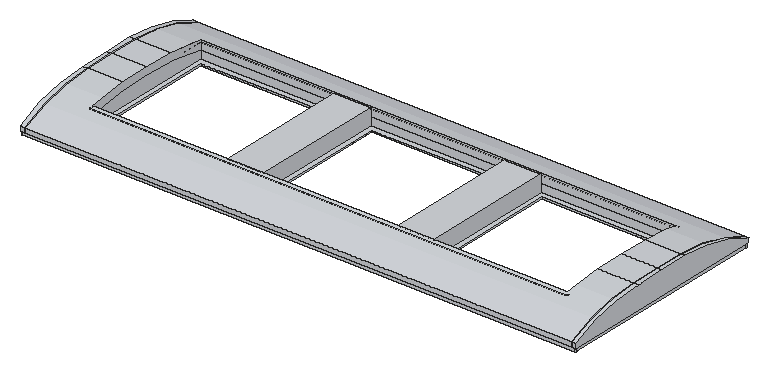
Revit family "Gira_0213771", category Electrical Fixtures, host Face, Revit 2017
Family settings
  Host = Face
  Maintain Annotation Orientation = No
  Round Connector Dimension = Use Diameter
  Part Type = Normal
  Cut with Voids When Loaded = No
  Shared = No
  Room Calculation Point = No
Parameters (values of type "Cov.fr. 3-g interm.fr. CW Gira Event Clear sand")
  With mounting grid = "No"
  With hinged lid = "No"
  URL = "http://katalog.gira.de/en/datenblatt.html?artikelnr=0213771"
  Type of fastening = "Clamp mounting"
  Transparent = "No"
  Surface protection = "Other"
  Surface finishing = "Glossy"
  Suitable for wall duct = "No"
  Suitable for flush-mounted installation = "Yes"
  Suitable for floor box = "No"
  Suitable for built-in installation = "No"
  Number of units vertical = "3"
  Number of units horizontal = "3"
  Number of units = "3"
  Name = "Cov.fr. 3-g interm.fr. CW Gira Event Clear sand"
  Mounting direction = "Horizontal and vertical"
  Material quality = "Thermoplastic"
  Material = "Plastic"
  Manufacturer URL = "https://www.gira.de/"
  Manufacturer = "Gira"
  Label space/information surface = "No"
  Keynote = ""
  HeinzeBIM = "https://bimportal.heinze.de/bim/cov-fr-3-g-interm-fr-cw-gira-event-clear-sand/6d263e5a0b398785d194ff855da054245d3e29ac"
  Halogen free = "Yes"
  HAN = "0213771"
  GTIN = "4010337069515"
  Description = "Cov.fr.3g i.fr.CW EvCl SD,Gira Event Clear cover frame,sand with cream white glossy intermediate frame,3-gang,Features:,- Shatter-proof."
  Degree of protection (IP) = "IP20"
  Default Elevation = 1219.2 mm
  Data sheet (1) = "https://katalog.gira.de/en/download.html?artikelnr=0213771"
  Colour = "Other"
  Category = "Cover frame for domestic switching devices"
  BIM (1) = "https://media.stage.bim.site/public/gira/36a6b08/Event_Rahmen_3fach.rfa"
  Available = "No"
Reference planes
  plane 1 "Center (Front/Back)": y = 0
  plane 2: z = 0
  plane 3 "Center (Left/Right)": x = 0
Forms (mm)
  Extrusion 1, solid, detail levels fine
    sketch origin (0, 0, 0.05) x (0, 1, 0) y (0, 0, 1)
      loop
        arc (12.445, 9.683) -> (6.223, 9.833) -> (0, 9.85) r 291.636
        arc (0, 9.85) -> (-6.223, 9.833) -> (-12.445, 9.683) r 291.636
        arc (-12.445, 9.683) -> (-29.14, 7.482) -> (-45, 1.823) r 79.728
        line (-45, 1.823) -> (-45, -0.05) -> (-42.086, -0.05)
        arc (-42.086, -0.05) -> (-21.385, 5.559) -> (0, 7.206) r 114.424
        arc (0, 7.206) -> (21.385, 5.559) -> (42.086, -0.05) r 114.424
        line (42.086, -0.05) -> (45, -0.05) -> (45, 1.823)
        arc (45, 1.823) -> (29.14, 7.482) -> (12.445, 9.683) r 79.728
    from -114.3 to 114.3
  Extrusion 2, void, detail levels fine
    sketch origin (0, 0, 0) x (1, 0, 0) y (0, 1, 0)
      loop
        line (-99.355, -28.053) -> (99.355, -28.053) -> (99.355, 28.053) -> (-99.355, 28.053) -> (-99.355, -28.053)
    from 0.724 to 11
  Extrusion 3, solid, detail levels coarse
    sketch origin (0, 0, 0) x (1, 0, 0) y (0, 1, 0)
      loop
        line (-116.3, 45) -> (-116.3, -45) -> (116.3, -45) -> (116.3, 45) -> (-116.3, 45)
    from -1.5 to 9.9
  Extrusion 4, solid, detail levels medium
    sketch origin (0, 0, 0.05) x (0, 1, 0) y (0, 0, 1)
      loop
        arc (12.445, 9.683) -> (6.223, 9.833) -> (0, 9.85) r 291.636
        arc (0, 9.85) -> (-6.223, 9.833) -> (-12.445, 9.683) r 291.636
        arc (-12.445, 9.683) -> (-29.14, 7.482) -> (-45, 1.823) r 79.728
        line (-45, 1.823) -> (-45, -0.05) -> (45, -0.05) -> (45, 1.823)
        arc (45, 1.823) -> (29.14, 7.482) -> (12.445, 9.683) r 79.728
    from -116.3 to 116.3
  Extrusion 5, solid, detail levels fine
    sketch origin (-71.3, 0, -1.5) x (0, 1, 0) y (0, 0, -1)
      loop
        line (45, -3.373) -> (45, -1.5) -> (-45, -1.5) -> (-45, -3.373)
        arc (-45, -3.373) -> (-29.14, -9.032) -> (-12.445, -11.233) r 79.728
        arc (-12.445, -11.233) -> (-6.223, -11.383) -> (0, -11.4) r 291.636
        arc (0, -11.4) -> (6.223, -11.383) -> (12.445, -11.233) r 291.636
        arc (12.445, -11.233) -> (29.14, -9.032) -> (45, -3.373) r 79.728
    from 43 to 45
  Extrusion 6, solid, detail levels fine
    sketch origin (0, 0, 0) x (1, 0, 0) y (0, 1, 0)
      loop
        line (-97.195, 25.7) -> (-97.195, -25.7) -> (-45.395, -25.7) -> (-45.395, 25.7) -> (-97.195, 25.7)
      loop
        line (25.9, -25.7) -> (25.9, 25.7) -> (-25.9, 25.7) -> (-25.9, -25.7) -> (25.9, -25.7)
      loop
        line (-100.19, 28.49) -> (-100.19, -28.495)
        spline (-100.19, -28.495) -> (-100.181, -28.625) -> (-100.156, -28.754) -> (-100.113, -28.878) -> (-100.056, -28.995) -> (-99.983, -29.104) -> (-99.897, -29.202) -> (-99.798, -29.288) -> (-99.69, -29.361) -> (-99.572, -29.419) -> (-99.448, -29.461) -> (-99.32, -29.486) -> (-99.19, -29.495)
        line (-99.19, -29.495) -> (99.195, -29.495)
        spline (99.195, -29.495) -> (99.325, -29.486) -> (99.454, -29.461) -> (99.578, -29.419) -> (99.695, -29.361) -> (99.804, -29.288) -> (99.902, -29.202) -> (99.988, -29.104) -> (100.061, -28.995) -> (100.119, -28.878) -> (100.161, -28.754) -> (100.186, -28.625) -> (100.195, -28.495)
        line (100.195, -28.495) -> (100.195, 28.49)
        spline (100.195, 28.49) -> (100.186, 28.62) -> (100.161, 28.748) -> (100.119, 28.872) -> (100.061, 28.99) -> (99.988, 29.098) -> (99.902, 29.197) -> (99.804, 29.283) -> (99.695, 29.356) -> (99.578, 29.413) -> (99.454, 29.456) -> (99.325, 29.481) -> (99.195, 29.49)
        line (99.195, 29.49) -> (-99.19, 29.49)
        spline (-99.19, 29.49) -> (-99.32, 29.481) -> (-99.448, 29.456) -> (-99.572, 29.413) -> (-99.69, 29.356) -> (-99.798, 29.283) -> (-99.897, 29.197) -> (-99.983, 29.098) -> (-100.056, 28.99) -> (-100.113, 28.872) -> (-100.156, 28.748) -> (-100.181, 28.62) -> (-100.19, 28.49)
      loop
        line (97.2, -25.7) -> (97.2, 25.7) -> (45.4, 25.7) -> (45.4, -25.7) -> (97.2, -25.7)
    from 0.1 to 7.3
  Extrusion 7, solid
    sketch origin (0, 0, 0) x (1, 0, 0) y (0, 1, 0)
      loop
        arc (-116, -44.2) -> (-115.854, -44.554) -> (-115.5, -44.7) r 0.5
        line (-115.5, -44.7) -> (115.5, -44.7)
        arc (115.5, -44.7) -> (115.854, -44.554) -> (116, -44.2) r 0.5
        line (116, -44.2) -> (116, 44.2)
        arc (116, 44.2) -> (115.854, 44.554) -> (115.5, 44.7) r 0.5
        line (115.5, 44.7) -> (-115.5, 44.7)
        arc (-115.5, 44.7) -> (-115.854, 44.554) -> (-116, 44.2) r 0.5
        line (-116, 44.2) -> (-116, -44.2)
      loop
        line (-114.3, 43) -> (-114.3, -43) -> (114.3, -43) -> (114.3, 43) -> (-114.3, 43)
    from -1.5 to 0.5
  Extrusion 8, solid, detail levels fine
    sketch origin (71.3, 0, -1.5) x (0, 1, 0) y (0, 0, 1)
      loop
        arc (45, 3.373) -> (29.14, 9.032) -> (12.445, 11.233) r 79.728
        arc (12.445, 11.233) -> (6.223, 11.383) -> (0, 11.4) r 291.636
        arc (0, 11.4) -> (-6.223, 11.383) -> (-12.445, 11.233) r 291.636
        arc (-12.445, 11.233) -> (-29.14, 9.032) -> (-45, 3.373) r 79.728
        line (-45, 3.373) -> (-45, 1.5) -> (45, 1.5) -> (45, 3.373)
    from 43 to 45
  Extrusion 9, solid, detail levels medium
    sketch origin (0, 0, 0) x (1, 0, 0) y (0, 1, 0)
      loop
        line (-116, -44.7) -> (116, -44.7) -> (116, 44.7) -> (-116, 44.7) -> (-116, -44.7)
    from -1.5 to 0.5
  Extrusion 10, solid, detail levels fine
    sketch origin (-34.207, 0, 0) x (1, 0, 0) y (0, 1, 0)
      loop
        line (-8.943, 28.063) -> (-8.943, -27.937) -> (6.057, -27.937) -> (6.057, 28.063) -> (-8.943, 28.063)
    from 0.724 to 7.566
  Extrusion 11, solid, detail levels fine
    sketch origin (34.207, 0, 0) x (-1, 0, 0) y (0, -1, 0)
      loop
        line (-8.943, -28.063) -> (6.057, -28.063) -> (6.057, 27.937) -> (-8.943, 27.937) -> (-8.943, -28.063)
    from 0.724 to 7.566
Cuts and joins
  Extrusion 2 cuts Extrusion 1
  Extrusion 2 cuts Extrusion 6
Dimensions and locks
  aligned and locked: plane 2 to host face
  aligned and locked: level to host face
